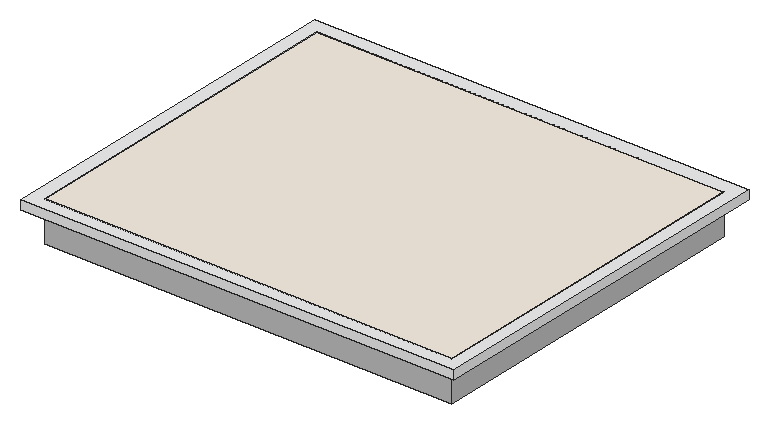
Revit family "Lighting-Industrial-GEWISS-ELIA-HL-LED_HIGHBAY", category Apparecchi per illuminazione, host Superficie, Revit 2019 (continued)
Types (12, lengths in mm): name | Weight (kg): | Weight (kg) | Voltage | Technical sheet | System power | Optic | built-in parameter 1150142 | Lumen output (lm) | Model | IDT | File diagramma fotometrico | Description
  GWF1001MM840 - ELIA HL M2 120° 4000K S.ALONE DALI | "3,9" | "3,9" | "220-240 V " | "https://www.gewiss.com/ww/en/search?q=GWF1100VC872" | "120W" | "120°" | "IESNA:LM-63-1995\r\n[TEST] HB25-120-4080-120D-H00115\r\n[DATE] 27 Nov 2019\r\n[MANUFAC] GEWISS\r\n[LUMCAT] GWF1001MM840\r\n[LUMINAIRE] ELIA HL - M2 120° LED840 120W - DALI\r\n[FLASHAREA] 0.013851\r\n[LAMPCAT] LED 120W/17000lm\r\n[LAMP] LED 120W/17000lm\r\nTILT=NONE\r\n1 17000.00 1.0 181 37 1 2 -0.270 0.000 0.000\r\n1.00 1.00 120.00\r\n0.00 0.50 1.00 1.50 2.00 2.50 3.00 3.50 4.00 4.50 5.00 \r\n5.50 6.00 6.50 7.00 7.50 8.00 8.50 9.00 9.50 10.00 10.50 \r\n11.00 11.50 12.00 12.50 13.00 13.50 14.00 14.50 15.00 \r\n15.50 16.00 16.50 17.00 17.50 18.00 18.50 19.00 19.50 \r\n20.00 20.50 21.00 21.50 22.00 22.50 23.00 23.50 24.00 \r\n24.50 25.00 25.50 26.00 26.50 27.00 27.50 28.00 28.50 \r\n29.00 29.50 30.00 30.50 31.00 31.50 32.00 32.50 33.00 \r\n33.50 34.00 34.50 35.00 35.50 36.00 36.50 37.00 37.50 \r\n38.00 38.50 39.00 39.50 40.00 40.50 41.00 41.50 42.00 \r\n42.50 43.00 43.50 44.00 44.50 45.00 45.50 46.00 46.50 \r\n47.00 47.50 48.00 48.50 49.00 49.50 50.00 50.50 51.00 \r\n51.50 52.00 52.50 53.00 53.50 54.00 54.50 55.00 55.50 \r\n56.00 56.50 57.00 57.50 58.00 58.50 59.00 59.50 60.00 \r\n60.50 61.00 61.50 62.00 62.50 63.00 63.50 64.00 64.50 \r\n65.00 65.50 66.00 66.50 67.00 67.50 68.00 68.50 69.00 \r\n69.50 70.00 70.50 71.00 71.50 72.00 72.50 73.00 73.50 \r\n74.00 74.50 75.00 75.50 76.00 76.50 77.00 77.50 78.00 \r\n78.50 79.00 79.50 80.00 80.50 81.00 81.50 82.00 82.50 \r\n83.00 83.50 84.00 84.50 85.00 85.50 86.00 86.50 87.00 \r\n87.50 88.00 88.50 89.00 89.50 90.00 \r\n0.00 2.50 5.00 7.50 10.00 12.50 15.00 17.50 20.00 22.50 \r\n25.00 27.50 30.00 32.50 35.00 37.50 40.00 42.50 45.00 \r\n47.50 50.00 52.50 55.00 57.50 60.00 62.50 65.00 67.50 \r\n70.00 72.50 75.00 77.50 80.00 82.50 85.00 87.50 90.00 \r\n4943.60 4943.60 4945.30 4945.30 4947.00 4947.00 4948.70 \r\n4950.40 4953.80 4955.50 4957.20 4960.60 4964.00 4965.70 \r\n4969.10 4972.50 4977.60 4981.00 4984.40 4989.50 4992.90 \r\n4998.00 5001.40 5006.50 5009.90 5015.00 5020.10 5023.50 \r\n5026.90 5032.00 5035.40 5040.50 5045.60 5050.70 5055.80 \r\n5062.60 5067.70 5074.50 5079.60 5086.40 5093.20 5098.30 \r\n5105.10 5111.90 5118.70 5125.50 5132.30 5139.10 5145.90 \r\n5152.70 5159.50 5166.30 5173.10 5178.20 5185.00 5191.80 \r\n5196.90 5202.00 5207.10 5212.20 5215.60 5219.00 5222.40 \r\n5225.80 5227.50 5229.20 5230.90 5230.90 5230.90 5230.90 \r\n5229.20 5225.80 5222.40 5217.30 5212.20 5205.40 5198.60 \r\n5188.40 5178.20 5168.00 5154.40 5140.80 5125.50 5110.20 \r\n5093.20 5074.50 5055.80 5035.40 5013.30 4991.20 4965.70 \r\n4940.20 4909.60 4875.60 4838.20 4795.70 4746.40 4692.00 \r\n4632.50 4566.20 4496.50 4426.80 4357.10 4287.40 4214.30 \r\n4134.40 4046.00 3945.70 3840.30 3729.80 3617.60 3503.70 \r\n3389.80 3279.30 3170.50 3065.10 2961.40 2857.70 2755.70 \r\n2657.10 2560.20 2463.30 2368.10 2276.30 2186.20 2096.10 \r\n2009.40 1926.10 1844.50 1764.60 1687.25 1610.75 1536.46 \r\n1465.74 1397.06 1327.87 1260.72 1198.16 1137.98 1078.31 \r\n1019.49 960.67 903.21 847.79 795.09 746.64 700.91 656.37 \r\n613.70 573.92 536.01 499.80 465.29 432.31 400.69 371.11 \r\n342.55 313.99 286.62 261.12 236.81 213.18 191.08 171.36 \r\n153.24 135.44 118.61 103.11 88.64 75.09 62.44 50.54 39.83 \r\n30.82 23.14 16.52 11.28 7.75 5.65 4.80 5.24 \r\n4943.60 4943.60 4945.30 4945.30 4947.00 4947.00 4948.70 \r\n4950.40 4953.80 4955.50 4957.20 4960.60 4964.00 4965.70 \r\n4969.10 4972.50 4975.90 4981.00 4984.40 4988.65 4992.90 \r\n4998.00 5002.25 5006.50 5010.75 5015.00 5019.25 5023.50 \r\n5027.75 5032.00 5036.25 5040.50 5045.60 5050.70 5055.80 \r\n5062.60 5067.70 5074.50 5079.60 5086.40 5093.20 5100.00 \r\n5106.80 5112.75 5118.70 5125.50 5132.30 5139.10 5145.90 \r\n5152.70 5159.50 5166.30 5173.10 5179.05 5185.85 5191.80 \r\n5197.75 5202.85 5207.95 5213.05 5216.45 5220.70 5224.10 \r\n5226.65 5229.20 5230.90 5231.75 5232.60 5231.75 5231.75 \r\n5230.05 5227.50 5224.10 5219.00 5213.05 5207.10 5199.45 \r\n5190.10 5179.90 5168.85 5156.95 5143.35 5128.90 5111.90 \r\n5094.90 5077.90 5059.20 5038.80 5016.70 4992.90 4969.10 \r\n4941.90 4912.15 4878.15 4840.75 4797.40 4749.80 4696.25 \r\n4636.75 4570.45 4501.60 4431.90 4360.50 4290.80 4216.85 \r\n4136.95 4049.40 3949.95 3842.85 3732.35 3620.15 3506.25 \r\n3392.35 3281.85 3173.90 3067.65 2963.95 2860.25 2759.10 \r\n2659.65 2562.75 2466.70 2372.35 2278.85 2187.90 2099.50 \r\n2012.80 1928.65 1845.35 1765.45 1688.27 1611.94 1537.73 \r\n1467.19 1398.34 1329.23 1262.08 1199.27 1138.49 1078.65 \r\n1019.41 960.59 902.96 847.45 794.66 745.96 699.89 655.43 \r\n613.02 573.33 535.75 499.63 465.12 432.31 400.94 371.19 \r\n342.55 314.08 286.70 261.04 236.73 213.01 190.91 171.19 \r\n152.91 135.25 118.57 103.03 88.52 75.00 62.40 50.53 39.86 \r\n30.86 23.19 16.57 11.33 7.83 5.75 4.87 5.26 \r\n4943.60 4943.60 4944.45 4945.30 4947.00 4947.00 4948.70 \r\n4950.40 4952.95 4955.50 4957.20 4960.60 4963.15 4965.70 \r\n4969.10 4972.50 4975.90 4981.00 4984.40 4988.65 4992.90 \r\n4997.15 5002.25 5006.50 5010.75 5015.85 5019.25 5024.35 \r\n5027.75 5032.85 5036.25 5041.35 5046.45 5050.70 5056.65 \r\n5062.60 5069.40 5074.50 5081.30 5086.40 5093.20 5100.00 \r\n5106.80 5113.60 5120.40 5127.20 5134.00 5140.80 5146.75 \r\n5153.55 5160.35 5167.15 5173.95 5179.90 5185.85 5192.65 \r\n5197.75 5203.70 5208.80 5213.90 5217.30 5222.40 5224.95 \r\n5227.50 5230.05 5231.75 5233.45 5233.45 5233.45 5232.60 \r\n5230.90 5228.35 5224.95 5220.70 5214.75 5208.80 5201.15 \r\n5191.80 5182.45 5170.55 5158.65 5145.05 5130.60 5114.45 \r\n5097.45 5079.60 5060.90 5040.50 5018.40 4996.30 4970.80 \r\n4944.45 4913.85 4879.85 4841.60 4799.10 4752.35 4699.65 \r\n4641.00 4574.70 4505.85 4435.30 4363.90 4294.20 4219.40 \r\n4139.50 4051.10 3952.50 3845.40 3734.90 3621.85 3507.95 \r\n3394.90 3284.40 3175.60 3069.35 2965.65 2861.95 2761.65 \r\n2662.20 2566.15 2469.25 2374.90 2281.40 2190.45 2102.05 \r\n2015.35 1930.35 1847.05 1766.30 1688.78 1612.45 1538.59 \r\n1468.04 1399.19 1330.08 1262.76 1199.61 1138.57 1078.39 \r\n1019.07 959.99 902.36 846.77 793.90 744.86 698.62 654.16 \r\n612.00 572.56 535.25 499.20 464.87 432.14 400.86 371.11 \r\n342.38 313.90 286.54 260.78 236.47 212.75 190.57 170.85 \r\n152.50 134.96 118.41 102.86 88.31 74.83 62.29 50.48 39.84 \r\n30.86 23.20 16.59 11.37 7.90 5.84 4.94 5.28 \r\n4943.60 4943.60 4943.60 4945.30 4946.15 4947.00 4948.70 \r\n4950.40 4952.95 4954.65 4957.20 4959.75 4963.15 4965.70 \r\n4969.10 4972.50 4975.90 4980.15 4984.40 4988.65 4992.90 \r\n4997.15 5002.25 5006.50 5010.75 5015.00 5020.10 5023.50 \r\n5028.60 5032.85 5037.10 5041.35 5046.45 5051.55 5057.50 \r\n5062.60 5069.40 5074.50 5081.30 5088.10 5094.05 5100.85 \r\n5106.80 5113.60 5120.40 5127.20 5134.00 5140.80 5147.60 \r\n5153.55 5160.35 5167.15 5173.95 5179.90 5186.70 5193.50 \r\n5198.60 5204.55 5209.65 5214.75 5219.00 5223.25 5226.65 \r\n5229.20 5231.75 5233.45 5234.30 5235.15 5235.15 5234.30 \r\n5232.60 5230.05 5226.65 5222.40 5216.45 5210.50 5202.00 \r\n5193.50 5183.30 5172.25 5160.35 5146.75 5132.30 5116.15 \r\n5099.15 5082.15 5063.45 5042.20 5020.10 4998.00 4972.50 \r\n4946.15 4916.40 4881.55 4843.30 4801.65 4754.90 4702.20 \r\n4643.55 4578.10 4509.25 4438.70 4367.30 4295.90 4221.10 \r\n4141.20 4053.65 3953.35 3847.10 3736.60 3622.70 3509.65 \r\n3395.75 3285.25 3176.45 3070.20 2966.50 2864.50 2764.20 \r\n2664.75 2567.85 2471.80 2376.60 2283.95 2191.30 2102.90 \r\n2016.20 1931.20 1847.90 1767.15 1688.78 1612.62 1538.93 \r\n1468.38 1399.53 1330.34 1263.10 1199.61 1138.23 1077.72 \r\n1018.22 959.05 901.42 845.84 792.88 743.66 697.09 652.80 \r\n610.89 571.63 534.48 498.61 464.27 431.63 400.61 370.77 \r\n341.95 313.56 286.19 260.52 236.13 212.41 190.23 170.39 \r\n152.03 134.59 118.16 102.59 88.03 74.59 62.13 50.38 39.78 \r\n30.83 23.19 16.60 11.41 7.96 5.92 4.99 5.29 \r\n4943.60 4943.60 4943.60 4945.30 4946.15 4947.00 4948.70 \r\n4950.40 4952.95 4954.65 4957.20 4959.75 4963.15 4965.70 \r\n4969.10 4972.50 4975.90 4980.15 4984.40 4988.65 4993.75 \r\n4997.15 5002.25 5006.50 5011.60 5015.00 5020.10 5023.50 \r\n5028.60 5033.70 5037.10 5042.20 5046.45 5051.55 5057.50 \r\n5063.45 5069.40 5076.20 5081.30 5088.10 5094.05 5100.85 \r\n5107.65 5114.45 5121.25 5128.05 5134.00 5140.80 5147.60 \r\n5154.40 5161.20 5168.00 5174.80 5181.60 5187.55 5194.35 \r\n5199.45 5206.25 5211.35 5215.60 5219.85 5224.10 5227.50 \r\n5230.90 5232.60 5234.30 5236.00 5236.00 5236.00 5236.00 \r\n5234.30 5231.75 5228.35 5224.10 5218.15 5211.35 5203.70 \r\n5194.35 5184.15 5173.95 5161.20 5148.45 5134.00 5118.70 \r\n5101.70 5083.85 5065.15 5044.75 5022.65 4999.70 4975.05 \r\n4947.85 4917.25 4883.25 4845.00 4803.35 4756.60 4704.75 \r\n4646.10 4581.50 4512.65 4441.25 4369.85 4296.75 4221.95 \r\n4141.20 4053.65 3955.05 3848.80 3737.45 3623.55 3509.65 \r\n3396.60 3285.25 3177.30 3071.05 2967.35 2865.35 2765.90 \r\n2666.45 2569.55 2472.65 2378.30 2283.95 2193.00 2103.75 \r\n2017.05 1932.05 1848.75 1767.15 1688.53 1612.37 1538.93 \r\n1468.29 1399.36 1330.25 1262.76 1199.18 1137.56 1076.69 \r\n1017.11 957.95 900.32 844.73 791.69 742.22 695.55 651.36 \r\n609.53 570.52 533.55 497.76 463.59 431.12 400.10 370.35 \r\n341.44 313.06 285.69 260.10 235.71 211.99 189.72 169.86 \r\n151.52 134.16 117.81 102.26 87.70 74.32 61.91 50.23 39.71 \r\n30.77 23.15 16.60 11.44 8.03 5.99 5.05 5.29 \r\n4943.60 4943.60 4943.60 4945.30 4946.15 4947.00 4948.70 \r\n4951.25 4952.95 4954.65 4957.20 4959.75 4963.15 4965.70 \r\n4969.10 4972.50 4975.90 4979.30 4984.40 4988.65 4993.75 \r\n4997.15 5002.25 5006.50 5011.60 5015.85 5020.10 5024.35 \r\n5028.60 5033.70 5037.95 5042.20 5047.30 5053.25 5058.35 \r\n5064.30 5070.25 5076.20 5083.00 5088.95 5095.75 5101.70 \r\n5107.65 5114.45 5121.25 5128.05 5134.85 5141.65 5148.45 \r\n5155.25 5162.05 5168.00 5175.65 5182.45 5188.40 5194.35 \r\n5201.15 5206.25 5212.20 5217.30 5220.70 5225.80 5229.20 \r\n5231.75 5234.30 5236.85 5236.85 5238.55 5238.55 5236.85 \r\n5235.15 5233.45 5230.05 5224.95 5219.85 5213.05 5205.40 \r\n5196.05 5186.70 5174.80 5162.90 5150.15 5135.70 5119.55 \r\n5102.55 5085.55 5066.85 5045.60 5023.50 5001.40 4976.75 \r\n4948.70 4918.95 4884.10 4845.85 4805.05 4758.30 4706.45 \r\n4647.80 4584.05 4515.20 4443.80 4370.70 4298.45 4222.80 \r\n4142.05 4053.65 3955.05 3848.80 3737.45 3623.55 3509.65 \r\n3396.60 3286.10 3177.30 3071.05 2967.35 2866.20 2767.60 \r\n2668.15 2569.55 2473.50 2380.00 2285.65 2193.00 2104.60 \r\n2018.75 1932.90 1848.75 1767.15 1688.02 1611.94 1538.59 \r\n1468.04 1398.93 1329.74 1262.25 1198.33 1136.45 1075.59 \r\n1015.75 956.59 898.96 843.46 790.33 740.69 693.94 649.83 \r\n608.17 569.33 532.52 496.83 462.74 430.44 399.50 369.58 \r\n340.68 312.46 285.17 259.59 235.20 211.48 189.21 169.33 \r\n150.99 133.69 117.41 101.88 87.34 74.00 61.66 50.06 39.62 \r\n30.69 23.08 16.58 11.48 8.09 6.06 5.10 5.29 \r\n4943.60 4943.60 4943.60 4945.30 4946.15 4947.00 4948.70 \r\n4951.25 4952.95 4954.65 4956.35 4959.75 4963.15 4965.70 \r\n4969.10 4972.50 4975.90 4979.30 4984.40 4988.65 4992.90 \r\n4997.15 5002.25 5006.50 5011.60 5015.85 5020.10 5024.35 \r\n5029.45 5033.70 5038.80 5043.05 5048.15 5053.25 5059.20 \r\n5064.30 5071.10 5077.05 5083.00 5089.80 5095.75 5102.55 \r\n5109.35 5116.15 5122.95 5128.90 5135.70 5142.50 5149.30 \r\n5155.25 5162.05 5169.70 5175.65 5182.45 5189.25 5196.05 \r\n5202.00 5207.10 5213.05 5218.15 5222.40 5226.65 5230.05 \r\n5233.45 5235.15 5237.70 5238.55 5240.25 5239.40 5238.55 \r\n5236.85 5234.30 5230.90 5226.65 5221.55 5214.75 5207.10 \r\n5197.75 5188.40 5176.50 5164.60 5151.85 5137.40 5121.25 \r\n5105.10 5087.25 5067.70 5047.30 5025.20 5002.25 4977.60 \r\n4951.25 4919.80 4884.95 4846.70 4805.90 4760.00 4708.15 \r\n4650.35 4585.75 4516.05 4445.50 4372.40 4298.45 4222.80 \r\n4142.05 4053.65 3955.05 3848.80 3737.45 3622.70 3509.65 \r\n3395.75 3285.25 3177.30 3071.05 2967.35 2867.05 2768.45 \r\n2669.00 2570.40 2475.20 2380.00 2285.65 2193.85 2105.45 \r\n2018.75 1932.90 1848.75 1767.15 1687.25 1611.35 1538.07 \r\n1467.44 1398.16 1328.97 1261.40 1197.31 1135.26 1074.23 \r\n1014.30 955.14 897.60 842.09 788.97 739.25 692.24 648.21 \r\n606.82 568.05 531.42 495.81 461.81 429.59 398.82 368.81 \r\n339.92 311.69 284.67 259.08 234.69 210.97 188.70 168.80 \r\n150.46 133.21 116.99 101.48 86.96 73.67 61.40 49.89 39.51 \r\n30.61 23.00 16.56 11.51 8.15 6.13 5.14 5.29 \r\n4943.60 4943.60 4943.60 4945.30 4946.15 4947.00 4948.70 \r\n4951.25 4952.95 4954.65 4956.35 4959.75 4963.15 4964.85 \r\n4968.25 4972.50 4975.90 4979.30 4984.40 4988.65 4992.90 \r\n4998.00 5002.25 5006.50 5011.60 5015.85 5020.95 5024.35 \r\n5029.45 5034.55 5038.80 5043.90 5048.15 5054.10 5059.20 \r\n5066.00 5071.10 5077.90 5083.85 5090.65 5096.60 5103.40 \r\n5109.35 5116.15 5122.95 5129.75 5136.55 5142.50 5149.30 \r\n5156.95 5162.90 5169.70 5177.35 5184.15 5190.10 5196.90 \r\n5202.00 5208.80 5213.90 5219.00 5224.10 5228.35 5231.75 \r\n5235.15 5237.70 5239.40 5241.10 5241.10 5241.10 5240.25 \r\n5238.55 5236.00 5232.60 5228.35 5222.40 5215.60 5208.80 \r\n5198.60 5189.25 5177.35 5166.30 5152.70 5139.10 5123.80 \r\n5106.80 5088.95 5070.25 5049.00 5026.90 5003.95 4978.45 \r\n4952.10 4920.65 4885.80 4847.55 4805.90 4760.85 4709.00 \r\n4651.20 4587.45 4518.60 4447.20 4373.25 4299.30 4222.80 \r\n4141.20 4052.80 3954.20 3847.95 3736.60 3621.85 3508.80 \r\n3394.90 3285.25 3176.45 3070.20 2967.35 2867.05 2768.45 \r\n2669.00 2570.40 2475.20 2380.85 2286.50 2193.85 2105.45 \r\n2018.75 1932.90 1848.75 1766.30 1686.48 1610.58 1537.48 \r\n1466.59 1397.14 1327.95 1260.38 1196.20 1133.98 1072.87 \r\n1012.86 953.70 896.24 840.74 787.70 737.80 690.71 646.68 \r\n605.37 566.87 530.23 494.79 460.79 428.74 398.06 368.05 \r\n339.06 310.93 284.07 258.57 234.09 210.46 188.19 168.27 \r\n149.96 132.73 116.54 101.07 86.60 73.36 61.13 49.71 39.41 \r\n30.51 22.92 16.53 11.54 8.21 6.19 5.18 5.29 \r\n4943.60 4943.60 4943.60 4945.30 4946.15 4947.00 4948.70 \r\n4951.25 4952.95 4954.65 4956.35 4959.75 4962.30 4964.85 \r\n4968.25 4971.65 4975.90 4979.30 4984.40 4988.65 4992.90 \r\n4998.00 5003.10 5007.35 5012.45 5015.85 5020.95 5025.20 \r\n5029.45 5034.55 5039.65 5043.90 5049.00 5054.95 5060.90 \r\n5066.00 5071.95 5078.75 5085.55 5091.50 5097.45 5103.40 \r\n5110.20 5117.00 5123.80 5130.60 5137.40 5144.20 5151.00 \r\n5156.95 5163.75 5170.55 5177.35 5184.15 5190.95 5196.90 \r\n5203.70 5209.65 5215.60 5220.70 5224.95 5230.05 5233.45 \r\n5236.00 5238.55 5241.10 5242.80 5242.80 5242.80 5241.95 \r\n5240.25 5237.70 5234.30 5229.20 5224.10 5217.30 5209.65 \r\n5200.30 5190.95 5179.05 5168.00 5154.40 5140.80 5124.65 \r\n5107.65 5089.80 5070.25 5049.00 5027.75 5003.95 4980.15 \r\n4952.10 4921.50 4886.65 4847.55 4806.75 4761.70 4709.85 \r\n4652.05 4588.30 4520.30 4448.05 4374.10 4299.30 4221.95 \r\n4140.35 4051.95 3953.35 3847.10 3735.75 3621.00 3507.10 \r\n3394.05 3284.40 3174.75 3069.35 2965.65 2866.20 2769.30 \r\n2669.85 2570.40 2474.35 2380.85 2286.50 2193.85 2105.45 \r\n2019.60 1932.90 1848.75 1766.30 1685.72 1609.81 1536.80 \r\n1465.74 1396.13 1326.85 1259.28 1195.10 1132.71 1071.42 \r\n1011.41 952.34 894.88 839.46 786.42 736.36 689.26 645.24 \r\n604.09 565.67 529.13 493.77 459.85 427.89 397.20 367.29 \r\n338.21 310.33 283.48 257.98 233.58 209.95 187.68 167.80 \r\n149.49 132.27 116.10 100.68 86.25 73.04 60.87 49.53 39.30 \r\n30.41 22.82 16.50 11.58 8.27 6.25 5.22 5.28 \r\n4943.60 4943.60 4943.60 4945.30 4946.15 4947.00 4948.70 \r\n4950.40 4952.10 4954.65 4956.35 4959.75 4962.30 4964.85 \r\n4968.25 4971.65 4975.90 4979.30 4984.40 4988.65 4992.90 \r\n4998.00 5003.10 5007.35 5012.45 5015.85 5020.95 5026.05 \r\n5030.30 5034.55 5039.65 5045.60 5049.85 5054.95 5060.90 \r\n5066.85 5073.65 5078.75 5085.55 5092.35 5098.30 5105.10 \r\n5111.05 5117.00 5124.65 5131.45 5138.25 5144.20 5151.00 \r\n5157.80 5164.60 5171.40 5179.05 5185.00 5191.80 5198.60 \r\n5205.40 5210.50 5216.45 5221.55 5226.65 5230.90 5235.15 \r\n5237.70 5240.25 5242.80 5243.65 5244.50 5244.50 5242.80 \r\n5241.10 5239.40 5236.00 5230.90 5225.80 5219.00 5210.50 \r\n5202.00 5191.80 5180.75 5168.00 5156.10 5141.65 5125.50 \r\n5109.35 5090.65 5071.95 5050.70 5027.75 5005.65 4981.00 \r\n4952.95 4921.50 4886.65 4848.40 4807.60 4762.55 4710.70 \r\n4653.75 4590.00 4520.30 4448.05 4374.10 4299.30 4221.95 \r\n4139.50 4050.25 3950.80 3845.40 3734.05 3620.15 3506.25 \r\n3393.20 3282.70 3174.75 3068.50 2964.80 2866.20 2769.30 \r\n2669.85 2570.40 2475.20 2380.85 2286.50 2194.70 2106.30 \r\n2019.60 1932.90 1848.75 
